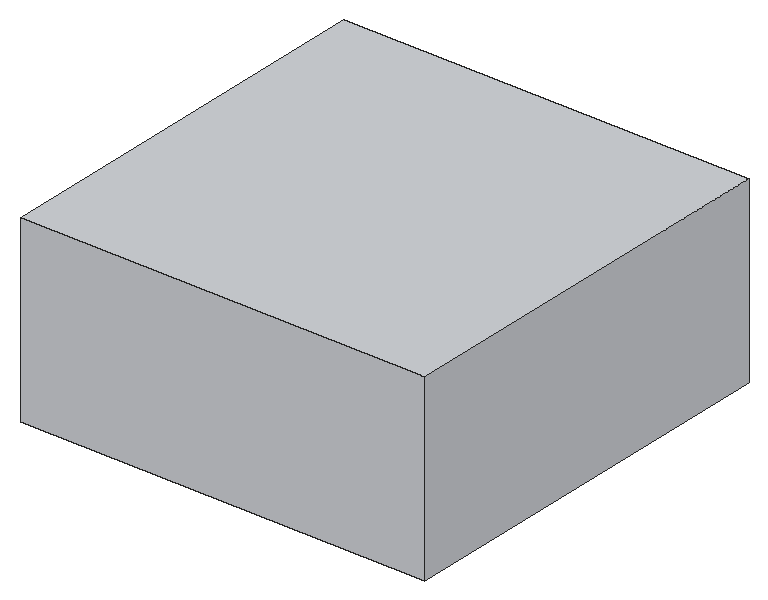
Revit family "f6d4d96f51fb4b44a1e9751749c5d205", category Conduit Fittings, Revit 2021
Family settings
  Round Connector Dimension = Use Radius
  Part Type = Cross
  OmniClass Number = 23.80.30.17.11
  OmniClass Title = Conduits
  Work Plane-Based = No
  Always vertical = Yes
  Cut with Voids When Loaded = No
  Shared = No
Parameters (values of type "Standard")
  Width [instance] = Length  # 4 9/16"
  Nominal Radius 4 [instance] = 1/4"
  Nominal Radius 3 [instance] = 1/4"
  Nominal Radius 2 [instance] = 1/4"
  Nominal Radius 1 [instance] = 1/4"
  Nominal Diameter 4 [instance] = Nominal Radius 4 * 2  # 1/2"
  Nominal Diameter 3 [instance] = Nominal Radius 3 * 2  # 1/2"
  Nominal Diameter 2 [instance] = Nominal Radius 2 * 2  # 1/2"
  Nominal Diameter 1 [instance] = Nominal Radius 1 * 2  # 1/2"
  Max Nominal Diameter 34 [instance] = if(Nominal Diameter 3 > Nominal Diameter 4, Nominal Diameter 3, Nominal Diameter 4)  # 1/2"
  Max Nominal Diameter 1234 [instance] = if(Max Nominal Diameter 12 > Max Nominal Diameter 34, Max Nominal Diameter 12, Max Nominal Diameter 34)  # 1/2"
  Max Nominal Diameter 12 [instance] = if(Nominal Diameter 1 > Nominal Diameter 2, Nominal Diameter 1, Nominal Diameter 2)  # 1/2"
  Height [instance] = if(not(Max Nominal Diameter 1234 > 0' 1"), 0' 2 1/16", if(Max Nominal Diameter 1234 < 0' 6", 0' 6", Max Nominal Diameter 1234 * 1.2))  # 2 1/16"
  Length [instance] = if(not(Max Nominal Diameter 1234 > 0' 1"), 0' 4 9/16", 6 * Max Nominal Diameter 1234)  # 4 9/16"
  Default Elevation = 0' - 0"
Reference planes (in)
  plane 1 "Center (Front/Back)": y = 0
  plane 2: z = 0
  plane 3 "Center (Left/Right)": x = 0
  plane 4: x = -2.28125
  plane 5: x = 2.28125
  plane 6: y = 2.28125
  plane 7: y = -2.28125
  plane 8: z = 1.03125
  plane 9: z = -1.03125
Forms (in)
  Extrusion 1, solid
    sketch origin (0, 0, 0) x (1, 0, 0) y (0, 1, 0)
      loop
        line (-2.28125, 2.28125) -> (-2.28125, -2.28125) -> (2.28125, -2.28125) -> (2.28125, 2.28125) -> (-2.28125, 2.28125)
    from -1.03125 to 1.03125
Dimensions and locks (in)
  equal spacing: plane 4, plane 3 "Center (Left/Right)", plane 5
  "Length": plane 4 to plane 5
  equal spacing: plane 6, plane 1 "Center (Front/Back)", plane 7
  "Width": plane 6 to plane 7
  equal spacing: plane 8, plane 2, plane 9
  "Height": plane 8 to plane 9
  aligned and locked: Extrusion 1 sketch curve to plane 6
  aligned and locked: plane 4 to Extrusion 1 sketch curve
  aligned and locked: plane 7 to Extrusion 1 sketch curve
  aligned and locked: Extrusion 1 sketch curve to plane 5
  aligned and locked: Extrusion 1 to plane 9
  aligned and locked: plane 8 to Extrusion 1
Connectors (in)
  cabletrayconduit at (-2.28125, 0, 0), diameter 0.5, driven by "Nominal Radius 1"
    settings: on Extrusion 1, index 1, connector width 1' - 0", connector height 1' - 0", connector angle 0.00°, system type 32, placement type 0, profile type 0, connector reference index 2, is primary connector yes, connector utility param no, connector description ""
  cabletrayconduit at (2.28125, 0, 0), diameter 0.5, driven by "Nominal Radius 2"
    settings: on Extrusion 1, index 2, connector width 1' - 0", connector height 1' - 0", connector angle 0.00°, system type 32, placement type 0, profile type 0, connector reference index 1, is primary connector no, connector utility param no, connector description ""
  cabletrayconduit at (0, -2.28125, 0), diameter 0.5, driven by "Nominal Radius 3"
    settings: on Extrusion 1, index 3, connector width 1' - 0", connector height 1' - 0", connector angle 0.00°, system type 32, placement type 0, profile type 0, connector reference index 4, is primary connector no, connector utility param no, connector description ""
  cabletrayconduit at (0, 2.28125, 0), diameter 0.5, driven by "Nominal Radius 4"
    settings: on Extrusion 1, index 4, connector width 1' - 0", connector height 1' - 0", connector angle 0.00°, system type 32, placement type 0, profile type 0, connector reference index 3, is primary connector no, connector utility param no, connector description ""
